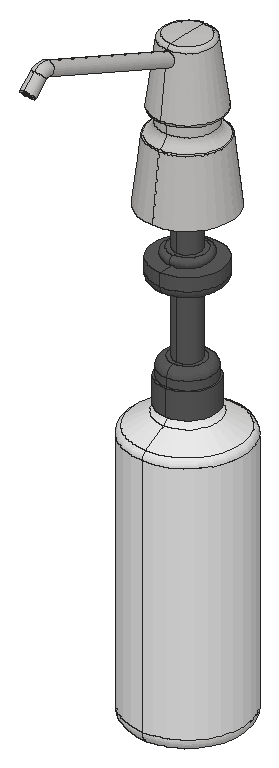
Revit family "rba-bim-B8236", category Specialty Equipment, Revit 2018
Family settings
  Round Connector Dimension = Use Diameter
  Part Type = Normal
  OmniClass Number = 23.40.20.21.34
  OmniClass Title = Soap Holders, Dispensers
  Work Plane-Based = Yes
  Always vertical = Yes
  Cut with Voids When Loaded = No
  Shared = Yes
  Room Calculation Point = No
Parameters (values of type "B-8236")
  Width = 65.088 mm
  Warranty Information = "3 Year Limited Warranty"
  URL = "http://www.bobrick.com/"
  Specification = "Top-fill counter-mounted manual foam soap dispenser shall dispense 7ml of foam using 0.5ml of commercially marketed foam soaps. Cover shall be constructed of durable die-cast zinc with bright polish finish. Spout assembly shall be type-304 stainless steel with bright polished finish. Dispenser shall be equipped with integrated funnel to facilitate re-filling of soap. Spout shall rotate 360° without damage to valve mechanism. Valve shall be operable with one hand and with less than 5 pounds of force (22.2 N) to comply with accessible design (including ADAAG in U.S.A.). Escutcheon shall lock to body with concealed locking mechanism that is opened with special key provided. Foam Dispensing assembly shall be removable from top for filling and maintenance. Shank shall accommodate mounting thicknesses up to 3'' (76mm). Translucent, shatter-resistant polyethylene container shall have a capacity of 34-fl oz (1.0-L)."
  Product Page URL = "http://www.bobrick.com/washroomaccessories/Pages/Products.aspx?Category%3dCounter-Mounted+Soap+Dispensers"
  Price = "Prices may vary. Please consult Manufacturer Representative for most up-to-date price list."  # constant formula
  Modified Issue = "20220412.01"
  Model = "B8236"
  Materials and Finishes = Stainless Steel Polished
  Manufacturer = "Bobrick Washroom Equipment, Inc"
  Length = 152.40 mm
  Installation Type = "Counter-Mounted"
  Height = 153.988 mm
  Description = "Bobrick Top-Fill Counter-Mounted Manual Foam Soap Dispenser"
  Default Elevation = 0.00 mm
  Creation Date = "1/12/2015"  # constant formula
  Copyright by = "RBA Group"  # constant formula
  Assembly Code = "C1030210"
  ADA Compliant = yes
Reference planes
  plane 1 "Center (Front/Back)": y = 0
  plane 2: z = 0
  plane 3 "Center (Left/Right)": x = 0
  plane 4: z = 114.3
  plane 5: y = -152.4
  plane 6: z = -344.488
  plane 7: z = -76.2
  plane 8: y = -32.544
  plane 9: y = 32.544
  plane 10: z = -101.6
  plane 11: y = 42.069
  plane 12: y = -42.069
  plane 13: z = 153.987
  plane 14: x = 42.069
  plane 15: x = -42.069
Forms (mm)
  Revolve 1, solid, material "ABS Plastic-Bobrick-White"
    sketch origin (0, 0, 0) x (0, 1, 0) y (0, 0, 1)
      loop
        line (0, -344.488) -> (32.544, -344.488)
        arc (32.544, -344.488) -> (39.279, -341.698) -> (42.069, -334.963) r 9.525
        line (42.069, -334.963) -> (42.069, -153.507)
        arc (42.069, -153.507) -> (41.218, -150.332) -> (38.894, -148.008) r 6.35
        line (38.894, -148.008) -> (22.271, -138.411)
        arc (22.271, -138.411) -> (19.501, -136.228) -> (17.462, -133.35) r 12.316
        line (17.462, -133.35) -> (20.637, -133.35) -> (20.637, -114.3) -> (19.05, -114.3) -> (19.05, -107.95)
        arc (19.05, -107.95) -> (17.19, -103.46) -> (12.7, -101.6) r 6.35
        line (12.7, -101.6) -> (9.525, -101.6) -> (9.525, -50.8) -> (19.05, -50.8)
        arc (19.05, -50.8) -> (23.54, -48.94) -> (25.4, -44.45) r 6.35
        line (25.4, -44.45) -> (25.4, -34.925) -> (13.343, -34.925)
        arc (13.343, -34.925) -> (16.518, -31.75) -> (13.343, -28.575) r 3.175
        line (13.343, -28.575) -> (9.525, -28.575) -> (9.525, 0) -> (0, 0) -> (0, -344.488)
      axis (0, -344.488) -> (0, 0)
    angle from 0 to 360
  Sweep 2, solid, material "Stainless Steel Polished"
    path origin (0, 2.23, -2.327) x (0, 1, 0) y (0, 0, 1)
      loop
        line (-2.23, 105.678) -> (-131.943, 155.47)
        arc (-131.943, 155.47) -> (-138.754, 156.096) -> (-144.889, 153.07) r 12.6
        line (-144.889, 153.07) -> (-154.63, 144.299)
    profile origin (0, -64.856, 128.247) x (0, -0.358368, -0.93358) y (1, 0, 0)
      loop
        circle (5.08, 0) r 5.08
      loop
        circle (5.08, 0) r 4.286
  Revolve 3, solid, material "Stainless Steel Polished"
    sketch origin (0, 0, 0) x (0, 1, 0) y (0, 0, 1)
      loop
        line (0, 0) -> (32.544, 0) -> (27.055, 46.904)
        arc (27.055, 46.904) -> (26.836, 47.365) -> (26.381, 47.597) r 0.794
        arc (26.381, 47.597) -> (21.511, 50.262) -> (19.573, 55.463) r 7.947
        line (19.573, 55.463) -> (19.573, 67.754) -> (24.061, 65.087)
        arc (24.061, 65.087) -> (24.66, 65.361) -> (24.847, 65.992) r 0.794
        line (24.847, 65.992) -> (18.526, 110.963)
        arc (18.526, 110.963) -> (17.563, 112.829) -> (15.645, 113.686) r 3.175
        arc (15.645, 113.686) -> (7.829, 114.171) -> (0, 114.331) r 187.697
        line (0, 114.331) -> (0, 0)
      axis (0, 114.331) -> (0, 0)
    angle from 0 to 360
Cuts and joins
  joined: Sweep 2, Revolve 3
Lines and regions (mm)
  Masking region 1
    outline origin (0, 0, 0) x (0, 1, 0) y (0, 0, 1)
      loop
        line (-32.544, -344.488) -> (32.544, -344.488)
        arc (32.544, -344.488) -> (39.279, -341.698) -> (42.069, -334.962) r 9.525
        line (42.069, -334.962) -> (42.069, -153.507)
        arc (42.069, -153.507) -> (41.218, -150.332) -> (38.894, -148.008) r 6.35
        line (38.894, -148.008) -> (22.271, -138.411)
        arc (22.271, -138.411) -> (19.501, -136.228) -> (17.462, -133.35) r 12.316
        line (17.462, -133.35) -> (20.637, -133.35) -> (20.637, -114.3) -> (19.05, -114.3) -> (19.05, -107.95)
        arc (19.05, -107.95) -> (17.19, -103.46) -> (12.7, -101.6) r 6.35
        line (12.7, -101.6) -> (9.525, -101.6) -> (9.525, -50.8) -> (19.05, -50.8)
        arc (19.05, -50.8) -> (23.54, -48.94) -> (25.4, -44.45) r 6.35
        line (25.4, -44.45) -> (25.4, -34.925) -> (13.343, -34.925)
        arc (13.343, -34.925) -> (16.518, -31.75) -> (13.343, -28.575) r 3.175
        line (13.343, -28.575) -> (9.525, -28.575) -> (9.525, 0) -> (32.544, 0) -> (27.055, 46.904)
        arc (27.055, 46.904) -> (26.836, 47.365) -> (26.381, 47.597) r 0.794
        arc (26.381, 47.597) -> (21.511, 50.262) -> (19.573, 55.463) r 7.947
        line (19.573, 55.463) -> (19.573, 65.087) -> (24.061, 65.087)
        arc (24.061, 65.087) -> (24.66, 65.361) -> (24.847, 65.992) r 0.794
        line (24.847, 65.992) -> (18.526, 110.963)
        arc (18.526, 110.963) -> (17.563, 112.829) -> (15.645, 113.686) r 3.175
        arc (15.645, 113.686) -> (0.16, 114.331) -> (-15.326, 113.696) r 187.697
        arc (-15.326, 113.696) -> (-17.624, 112.77) -> (-18.557, 110.474) r 3.175
        line (-18.557, 110.474) -> (-129.713, 153.143)
        arc (-129.713, 153.143) -> (-136.524, 153.769) -> (-142.659, 150.744) r 12.599
        line (-142.659, 150.744) -> (-152.4, 141.972) -> (-145.602, 134.422) -> (-135.864, 143.19)
        arc (-135.864, 143.19) -> (-134.672, 143.778) -> (-133.349, 143.656) r 2.447
        line (-133.349, 143.656) -> (-20.044, 100.162) -> (-24.847, 65.992)
        arc (-24.847, 65.992) -> (-24.66, 65.361) -> (-24.061, 65.087) r 0.794
        line (-24.061, 65.087) -> (-19.573, 65.087) -> (-19.573, 55.463)
        arc (-19.573, 55.463) -> (-21.511, 50.262) -> (-26.381, 47.597) r 7.947
        arc (-26.381, 47.597) -> (-26.836, 47.365) -> (-27.055, 46.904) r 0.794
        line (-27.055, 46.904) -> (-32.544, 0) -> (-9.525, 0) -> (-9.525, -28.575) -> (-13.343, -28.575)
        arc (-13.343, -28.575) -> (-16.518, -31.75) -> (-13.343, -34.925) r 3.175
        line (-13.343, -34.925) -> (-25.4, -34.925) -> (-25.4, -44.45)
        arc (-25.4, -44.45) -> (-23.54, -48.94) -> (-19.05, -50.8) r 6.35
        line (-19.05, -50.8) -> (-9.525, -50.8) -> (-9.525, -101.6) -> (-12.7, -101.6)
        arc (-12.7, -101.6) -> (-17.19, -103.46) -> (-19.05, -107.95) r 6.35
        line (-19.05, -107.95) -> (-19.05, -114.3) -> (-20.637, -114.3) -> (-20.637, -133.35) -> (-17.462, -133.35)
        arc (-17.462, -133.35) -> (-19.501, -136.228) -> (-22.271, -138.411) r 12.316
        line (-22.271, -138.411) -> (-38.894, -148.008)
        arc (-38.894, -148.008) -> (-41.218, -150.332) -> (-42.069, -153.507) r 6.35
        line (-42.069, -153.507) -> (-42.069, -334.963)
        arc (-42.069, -334.963) -> (-39.279, -341.698) -> (-32.544, -344.488) r 9.525
  Masking region 2
    outline origin (0, 0, 0) x (1, 0, 0) y (0, 1, 0)
      loop
        line (-5.08, -32.145) -> (-5.08, -149.001)
        spline (-5.08, -149.001) -> (-4.907, -149.881) -> (-4.399, -150.7) -> (-3.592, -151.404) -> (-2.54, -151.945) -> (-1.315, -152.284) -> (0, -152.4) -> (1.315, -152.284) -> (2.54, -151.945) -> (3.592, -151.404) -> (4.399, -150.7) -> (4.907, -149.881) -> (5.08, -149.001)
        line (5.08, -149.001) -> (5.08, -32.145)
        arc (5.08, -32.145) -> (0, 32.544) -> (-5.08, -32.145) r 32.544
  Masking region 3
    outline origin (0, 0, 0) x (1, 0, 0) y (0, 0, 1)
      loop
        arc (32.544, -344.488) -> (39.279, -341.698) -> (42.069, -334.963) r 9.525
        line (42.069, -334.963) -> (42.069, -153.507)
        arc (42.069, -153.507) -> (41.218, -150.332) -> (38.894, -148.008) r 6.35
        line (38.894, -148.008) -> (22.271, -138.411)
        arc (22.271, -138.411) -> (19.501, -136.228) -> (17.462, -133.35) r 12.316
        line (17.462, -133.35) -> (20.637, -133.35) -> (20.637, -114.3) -> (19.05, -114.3) -> (19.05, -107.95)
        arc (19.05, -107.95) -> (17.19, -103.46) -> (12.7, -101.6) r 6.35
        line (12.7, -101.6) -> (9.525, -101.6) -> (9.525, -50.8) -> (19.05, -50.8)
        arc (19.05, -50.8) -> (23.54, -48.94) -> (25.4, -44.45) r 6.35
        line (25.4, -44.45) -> (25.4, -34.925) -> (13.343, -34.925)
        arc (13.343, -34.925) -> (16.518, -31.75) -> (13.343, -28.575) r 3.175
        line (13.343, -28.575) -> (9.525, -28.575) -> (9.525, 0) -> (32.544, 0) -> (27.055, 46.904)
        arc (27.055, 46.904) -> (26.836, 47.365) -> (26.381, 47.597) r 0.794
        arc (26.381, 47.597) -> (21.511, 50.262) -> (19.573, 55.463) r 7.947
        line (19.573, 55.463) -> (19.573, 65.087) -> (24.061, 65.087)
        arc (24.061, 65.087) -> (24.66, 65.361) -> (24.847, 65.992) r 0.794
        line (24.847, 65.992) -> (20.489, 96.995) -> (18.526, 110.963)
        arc (18.526, 110.963) -> (17.444, 112.936) -> (15.326, 113.696) r 3.175
        arc (15.326, 113.696) -> (10.207, 114.048) -> (5.08, 114.259) r 187.697
        line (5.08, 114.259) -> (5.08, 148.908)
        arc (5.08, 148.908) -> (0, 153.988) -> (-5.08, 148.908) r 5.08
        line (-5.08, 148.908) -> (-5.08, 117.947) -> (-5.08, 114.265)
        arc (-5.08, 114.265) -> (-10.367, 114.05) -> (-15.645, 113.686) r 187.697
        arc (-15.645, 113.686) -> (-17.563, 112.829) -> (-18.526, 110.963) r 3.175
        line (-18.526, 110.963) -> (-24.847, 65.992)
        arc (-24.847, 65.992) -> (-24.66, 65.361) -> (-24.061, 65.087) r 0.794
        line (-24.061, 65.087) -> (-19.573, 65.087) -> (-19.573, 55.463)
        arc (-19.573, 55.463) -> (-21.511, 50.262) -> (-26.381, 47.597) r 7.947
        arc (-26.381, 47.597) -> (-26.836, 47.365) -> (-27.055, 46.904) r 0.794
        line (-27.055, 46.904) -> (-32.544, 0) -> (-9.525, 0) -> (-9.525, -28.575) -> (-13.343, -28.575)
        arc (-13.343, -28.575) -> (-16.518, -31.75) -> (-13.343, -34.925) r 3.175
        line (-13.343, -34.925) -> (-25.4, -34.925) -> (-25.4, -44.45)
        arc (-25.4, -44.45) -> (-23.54, -48.94) -> (-19.05, -50.8) r 6.35
        line (-19.05, -50.8) -> (-9.525, -50.8) -> (-9.525, -101.6) -> (-12.7, -101.6)
        arc (-12.7, -101.6) -> (-17.19, -103.46) -> (-19.05, -107.95) r 6.35
        line (-19.05, -107.95) -> (-19.05, -114.3) -> (-20.637, -114.3) -> (-20.637, -133.35) -> (-17.462, -133.35)
        arc (-17.462, -133.35) -> (-19.501, -136.228) -> (-22.271, -138.411) r 12.316
        line (-22.271, -138.411) -> (-38.894, -148.008)
        arc (-38.894, -148.008) -> (-41.218, -150.332) -> (-42.069, -153.507) r 6.35
        line (-42.069, -153.507) -> (-42.069, -334.963)
        arc (-42.069, -334.963) -> (-39.279, -341.698) -> (-32.544, -344.488) r 9.525
        line (-32.544, -344.488) -> (32.544, -344.488)
  symbolic lines, detail levels medium+fine
    curve 1: line (0, 19.573, 65.087) -> (0, -19.573, 65.087)
    curve 2: line (0, 9.525, 0) -> (0, -9.525, 0)
    curve 3: arc (0, -18.557, 110.474) -> (0, -18.05, 105.066) -> (0, -20.028, 100.007) r 11.757
    curve 4: line (0, 13.343, -34.925) -> (0, -13.343, -34.925)
    curve 5: line (0, 9.525, -50.8) -> (0, -8.712, -50.8)
    curve 6: line (0, 11.112, -101.6) -> (0, -10.319, -101.6)
    curve 7: line (0, -17.463, -133.35) -> (0, 17.462, -133.35)
    curve 35: line (-5.08, -32.145, 0) -> (-5.08, -18.36, 0)
    curve 36: line (5.08, -32.145, 0) -> (5.08, -18.36, 0)
    curve 37: circle (0, 0, 0) r 19.05 normal (0, 0, 1)
    curve 38: spline (-5.08, 0, 138.197) -> (-4.907, 0, 137.22) -> (-4.399, 0, 136.31) -> (-3.592, 0, 135.528) -> (-2.54, 0, 134.928) -> (-1.315, 0, 134.551) -> (0, 0, 134.422) -> (1.315, 0, 134.551) -> (2.54, 0, 134.928) -> (3.592, 0, 135.528) -> (4.399, 0, 136.31) -> (4.907, 0, 137.22) -> (5.08, 0, 138.197) -> (4.907, 0, 139.174) -> (4.399, 0, 140.085) -> (3.592, 0, 140.867) -> (2.54, 0, 141.467) -> (1.315, 0, 141.844) -> (0, 0, 141.972) -> (-1.315, 0, 141.844) -> (-2.54, 0, 141.467) -> (-3.592, 0, 140.867) -> (-4.399, 0, 140.085) -> (-4.907, 0, 139.174) -> (-5.08, 0, 138.197)
    curve 39: spline (-4.286, 0, 138.197) -> (-4.14, 0, 139.022) -> (-3.712, 0, 139.79) -> (-3.031, 0, 140.45) -> (-2.143, 0, 140.956) -> (-1.109, 0, 141.274) -> (0, 0, 141.382) -> (1.109, 0, 141.274) -> (2.143, 0, 140.956) -> (3.031, 0, 140.45) -> (3.712, 0, 139.79) -> (4.14, 0, 139.022) -> (4.286, 0, 138.197) -> (4.14, 0, 137.373) -> (3.712, 0, 136.605) -> (3.031, 0, 135.945) -> (2.143, 0, 135.439) -> (1.109, 0, 135.12) -> (0, 0, 135.012) -> (-1.109, 0, 135.12) -> (-2.143, 0, 135.439) -> (-3.031, 0, 135.945) -> (-3.712, 0, 136.605) -> (-4.14, 0, 137.373) -> (-4.286, 0, 138.197)
    curve 40: line (-5.08, 0, 114.267) -> (-5.08, 0, 105.057)
    curve 41: line (5.08, 0, 114.267) -> (5.08, 0, 105.057)
    curve 42: arc (-5.08, 0, 105.057) -> (0, 0, 99.978) -> (5.08, 0, 105.057) r 5.08
    curve 43: line (-19.573, 0, 65.087) -> (19.573, 0, 65.087)
    curve 44: line (-9.525, 0, 0) -> (9.525, 0, 0)
    curve 45: line (-13.343, 0, -34.925) -> (13.343, 0, -34.925)
    curve 46: line (9.525, 0, -50.8) -> (-9.525, 0, -50.8)
    curve 47: line (-10.319, 0, -101.6) -> (10.319, 0, -101.6)
    curve 48: line (-17.462, 0, -133.35) -> (17.463, 0, -133.35)
  symbolic lines, detail levels fine
    curve 8: line (0, 19.05, -114.3) -> (0, 11.112, -114.3)
    curve 9: line (0, 9.525, -28.575) -> (0, -9.525, -28.575)
    curve 10: line (0, 26.381, 47.597) -> (0, -26.381, 47.597)
    curve 11: line (0, 15.875, -44.45) -> (0, 15.875, -35.719)
    curve 12: arc (0, 9.525, -50.8) -> (0, 14.015, -48.94) -> (0, 15.875, -44.45) r 6.35
    curve 13: line (0, 15.062, -44.45) -> (0, 15.062, -35.719)
    curve 14: arc (0, 8.712, -50.8) -> (0, 13.202, -48.94) -> (0, 15.062, -44.45) r 6.35
    curve 15: line (0, -15.875, -44.45) -> (0, -15.875, -35.719)
    curve 16: line (0, -15.062, -44.45) -> (0, -15.062, -35.719)
    curve 17: arc (0, -8.712, -50.8) -> (0, -13.202, -48.94) -> (0, -15.062, -44.45) r 6.35
    curve 18: arc (0, -9.525, -50.8) -> (0, -14.015, -48.94) -> (0, -15.875, -44.45) r 6.35
    curve 19: line (0, 0.416, -50.8) -> (0, 0.416, -35.719)
    curve 20: line (0, -0.397, -50.8) -> (0, -0.397, -35.719)
    curve 21: line (0, 25.4, -35.719) -> (0, 15.875, -35.719)
    curve 22: line (0, 11.112, -101.6) -> (0, 11.112, -114.3)
    curve 23: line (0, 10.319, -101.6) -> (0, 10.319, -114.3)
    curve 24: line (0, -11.112, -101.6) -> (0, -11.112, -114.3)
    curve 25: line (0, -10.319, -101.6) -> (0, -10.319, -114.3)
    curve 26: line (0, -0.409, -101.6) -> (0, -0.409, -114.3)
    curve 27: line (0, 0.385, -101.6) -> (0, 0.385, -114.3)
    curve 28: line (0, 10.319, -114.3) -> (0, 0.385, -114.3)
    curve 29: line (0, -0.409, -114.3) -> (0, -10.319, -114.3)
    curve 30: line (0, -11.112, -114.3) -> (0, -19.05, -114.3)
    curve 31: line (0, 15.062, -35.719) -> (0, 0.416, -35.719)
    curve 32: line (0, -0.397, -35.719) -> (0, -15.062, -35.719)
    curve 33: line (0, -15.875, -35.719) -> (0, -25.4, -35.719)
    curve 34: arc (5.08, -24.887, 0) -> (0, 25.4, 0) -> (-5.08, -24.887, 0) r 25.4
    curve 49: line (-19.05, 0, -114.3) -> (-11.132, 0, -114.3)
    curve 50: line (-26.381, 0, 47.597) -> (26.381, 0, 47.597)
    curve 51: line (-9.525, 0, -28.575) -> (9.525, 0, -28.575)
    curve 52: line (25.4, 0, -35.719) -> (15.875, 0, -35.719)
    curve 53: line (-15.875, 0, -35.719) -> (-15.875, 0, -44.45)
    curve 54: arc (-15.875, 0, -44.45) -> (-14.015, 0, -48.94) -> (-9.525, 0, -50.8) r 6.35
    curve 55: line (-15.055, 0, -35.719) -> (-15.055, 0, -44.45)
    curve 56: arc (-15.055, 0, -44.45) -> (-13.195, 0, -48.94) -> (-8.705, 0, -50.8) r 6.35
    curve 57: line (15.875, 0, -35.719) -> (15.875, 0, -44.45)
    curve 58: arc (15.875, 0, -44.45) -> (14.015, 0, -48.94) -> (9.525, 0, -50.8) r 6.35
    curve 59: line (15.062, 0, -35.719) -> (15.062, 0, -44.45)
    curve 60: arc (15.062, 0, -44.45) -> (13.202, 0, -48.94) -> (8.712, 0, -50.8) r 6.35
    curve 61: line (0.394, 0, -35.719) -> (0.394, 0, -50.8)
    curve 62: line (-0.419, 0, -35.719) -> (-0.419, 0, -50.8)
    curve 63: line (-15.875, 0, -35.719) -> (-25.4, 0, -35.719)
    curve 64: line (-0.419, 0, -35.719) -> (-15.055, 0, -35.719)
    curve 65: line (15.062, 0, -35.719) -> (0.394, 0, -35.719)
    curve 66: line (0.394, 0, -101.6) -> (0.394, 0, -114.3)
    curve 67: line (-0.419, 0, -101.6) -> (-0.419, 0, -114.3)
    curve 68: line (-10.319, 0, -101.6) -> (-10.319, 0, -114.3)
    curve 69: line (-11.132, 0, -101.6) -> (-11.132, 0, -114.3)
    curve 70: line (10.319, 0, -101.6) -> (10.319, 0, -114.3)
    curve 71: line (11.132, 0, -101.6) -> (11.132, 0, -114.3)
    curve 72: line (-10.319, 0, -114.3) -> (-0.419, 0, -114.3)
    curve 73: line (0.394, 0, -114.3) -> (10.319, 0, -114.3)
    curve 74: line (11.132, 0, -114.3) -> (19.05, 0, -114.3)
Dimensions and locks
  "Length": plane 1 "Center (Front/Back)" to plane 5
  plane 4 to level to plane 6 = 114.30 mm, 344.487 mm
  plane 6 to plane 10 = 242.888 mm
  "Width": plane 9 to plane 8
  plane 11 to plane 12 = 84.138 mm
  "Height": plane 13 to level
  aligned and locked: plane 5 to Sweep 2 sketch curve
Automatic sketch dimensions
  Revolve 1 sketch curve to plane 1 "Center (Front/Back)" = 0.00 mm  (x2)
  Revolve 1 sketch curve to plane 10 = 0.00 mm
  Revolve 1 sketch curve to level = 0.00 mm
  plane 6 to Revolve 1 sketch curve = 0.00 mm
  Revolve 1 sketch curve to plane 9 = 0.00 mm
  Revolve 1 sketch curve to plane 11 = 0.00 mm
  Revolve 1 sketch curve to plane 1 "Center (Front/Back)" = 9.525 mm  (x2)
  Revolve 1 sketch curve to Revolve 1 sketch curve = 3.175 mm  (x3)
  Revolve 1 sketch curve to Revolve 1 sketch curve = 3.818 mm
  Revolve 1 sketch curve to Revolve 1 sketch curve = 0.00 mm  (x2)
  Revolve 1 sketch curve to plane 9 = 15.081 mm
  Revolve 1 sketch curve to Revolve 1 sketch curve = 6.35 mm  (x3)
  Revolve 1 sketch curve to Revolve 1 sketch curve = 9.525 mm  (x2)
  Revolve 1 sketch curve to Revolve 1 sketch curve = 1.634 mm
  Revolve 1 sketch curve to plane 9 = 7.144 mm
  Revolve 1 sketch curve to plane 9 = 4.114 mm
  plane 9 to Revolve 1 sketch curve = 3.175 mm
  Revolve 1 sketch curve to plane 11 = 3.175 mm
  Revolve 1 sketch curve to Revolve 1 sketch curve = 45.557 mm
  Revolve 1 sketch curve to Revolve 1 sketch curve = 9.597 mm
  Revolve 1 sketch curve to Revolve 1 sketch curve = 5.061 mm
  plane 10 to Revolve 1 sketch curve = 9.945 mm
  Revolve 1 sketch curve to plane 7 = 25.40 mm
  Sweep 2 sketch curve to Sweep 2 sketch curve = 0.00 mm  (x2)
  Sweep 2 sketch curve to plane 3 "Center (Left/Right)" = 0.00 mm
  Sweep 2 sketch curve to profile plane = 5.08 mm
  curve 24 to plane 10 = 0.00 mm
  curve 6 to plane 10 = 0.00 mm
  curve 2 to level = 0.00 mm
  curve 3 to plane 8 = 2.852 mm
  curve 10 to plane 8 = 6.163 mm
  curve 33 to plane 8 = 7.144 mm
  curve 3 to curve 3 = 9.664 mm
  curve 1 to plane 8 = 12.971 mm
  curve 30 to plane 8 = 13.494 mm
  curve 3 to plane 4 = 3.826 mm
  curve 3 to curve 3 = 1.471 mm
  curve 7 to plane 8 = 15.081 mm
  curve 33 to curve 18 = 9.525 mm
  curve 15 to curve 32 = 0.813 mm
  curve 16 to curve 4 = 1.72 mm
  curve 30 to curve 30 = 7.938 mm
  curve 24 to curve 6 = 0.794 mm
  curve 16 to curve 18 = 5.537 mm
  plane 1 "Center (Front/Back)" to curve 2 = 9.525 mm
  curve 4 to curve 9 = 3.818 mm
  curve 18 to curve 5 = 0.813 mm
  curve 18 to curve 17 = 0.813 mm
  plane 1 "Center (Front/Back)" to curve 26 = 0.409 mm
  plane 1 "Center (Front/Back)" to curve 32 = 0.397 mm
  curve 28 to plane 1 "Center (Front/Back)" = 0.385 mm
  curve 19 to plane 1 "Center (Front/Back)" = 0.416 mm
  curve 19 to curve 14 = 8.296 mm
  curve 9 to plane 1 "Center (Front/Back)" = 9.525 mm
  curve 14 to curve 12 = 0.813 mm
  curve 2 to plane 1 "Center (Front/Back)" = 9.525 mm
  curve 27 to curve 28 = 9.934 mm
  curve 23 to curve 6 = 0.794 mm
  curve 9 to curve 4 = 3.818 mm
  curve 4 to curve 13 = 1.72 mm
  curve 13 to curve 11 = 0.813 mm
  curve 7 to plane 9 = 15.081 mm
  curve 8 to curve 8 = 7.938 mm
  curve 1 to plane 9 = 12.971 mm
  curve 21 to plane 9 = 7.144 mm
  curve 10 to plane 9 = 6.163 mm
  curve 8 to plane 10 = 12.70 mm
  curve 30 to plane 10 = 12.70 mm
  curve 24 to curve 29 = 0.00 mm
  curve 23 to curve 8 = 0.00 mm
  curve 7 to curve 8 = 19.05 mm
  curve 5 to plane 7 = 25.40 mm
  curve 18 to curve 5 = 0.00 mm
  curve 11 to curve 21 = 8.731 mm
  curve 13 to curve 11 = 0.00 mm
  curve 18 to curve 33 = 8.731 mm
  curve 15 to curve 16 = 0.00 mm
  curve 16 to curve 4 = 0.794 mm
  curve 4 to curve 9 = 6.35 mm
  level to curve 10 = 47.597 mm
  curve 10 to curve 1 = 17.49 mm
  curve 3 to curve 3 = 10.467 mm
  plane 1 "Center (Front/Back)" to Masking region 2 sketch curve = 0.00 mm
  Masking region 2 sketch curve to plane 3 "Center (Left/Right)" = 0.00 mm
  Masking region 2 sketch curve to Masking region 2 sketch curve = 5.08 mm
  Masking region 2 sketch curve to plane 8 = 0.399 mm
  Masking region 2 sketch curve to Masking region 2 sketch curve = 0.00 mm
  Masking region 2 sketch curve to plane 5 = 3.399 mm
  curve 34 to curve 37 = 0.00 mm  (x2)
  plane 1 "Center (Front/Back)" to curve 37 = 0.00 mm
  curve 37 to plane 3 "Center (Left/Right)" = 0.00 mm
  curve 35 to plane 3 "Center (Left/Right)" = 5.08 mm
  curve 36 to plane 8 = 14.184 mm
  curve 35 to curve 36 = 0.00 mm
  curve 36 to plane 8 = 0.399 mm
  curve 35 to plane 8 = 0.399 mm
  Revolve 3 sketch curve to level = 0.00 mm
  Revolve 3 sketch curve to plane 1 "Center (Front/Back)" = 0.00 mm  (x2)
  Revolve 3 sketch curve to plane 9 = 0.00 mm
  Revolve 3 sketch curve to plane 1 "Center (Front/Back)" = 0.097 mm
  Revolve 3 sketch curve to plane 4 = 3.778 mm
  Revolve 3 sketch curve to plane 1 "Center (Front/Back)" = 15.382 mm
  Revolve 3 sketch curve to plane 4 = 0.614 mm
  Revolve 3 sketch curve to Revolve 3 sketch curve = 0.263 mm
  Revolve 3 sketch curve to Revolve 3 sketch curve = 0.00 mm  (x2)
  Revolve 3 sketch curve to plane 4 = 3.337 mm
  Revolve 3 sketch curve to plane 9 = 12.971 mm
  Revolve 3 sketch curve to Revolve 3 sketch curve = 4.488 mm
  Revolve 3 sketch curve to Revolve 3 sketch curve = 0.786 mm
  Revolve 3 sketch curve to plane 9 = 6.277 mm
  Revolve 3 sketch curve to Revolve 3 sketch curve = 0.114 mm
  Revolve 3 sketch curve to Revolve 3 sketch curve = 0.788 mm
  Revolve 3 sketch curve to plane 9 = 5.024 mm
  level to Revolve 3 sketch curve = 46.812 mm
  Revolve 3 sketch curve to Revolve 3 sketch curve = 9.625 mm
  Revolve 3 sketch curve to Revolve 3 sketch curve = 0.794 mm
  Revolve 3 sketch curve to Revolve 3 sketch curve = 1.873 mm
  Revolve 3 sketch curve to Revolve 3 sketch curve = 15.047 mm
  Revolve 3 sketch curve to Revolve 3 sketch curve = 11.867 mm
  Masking region 3 sketch curve to Masking region 3 sketch curve = 0.00 mm  (x9)
  Masking region 3 sketch curve to plane 6 = 0.00 mm
  Masking region 3 sketch curve to level = 0.00 mm  (x2)
  Masking region 3 sketch curve to plane 10 = 0.00 mm  (x2)
  Masking region 3 sketch curve to plane 3 "Center (Left/Right)" = 0.00 mm
  Masking region 3 sketch curve to plane 3 "Center (Left/Right)" = 0.097 mm
  Masking region 3 sketch curve to plane 3 "Center (Left/Right)" = 5.08 mm
  Masking region 3 sketch curve to plane 3 "Center (Left/Right)" = 9.525 mm  (x2)
  Masking region 3 sketch curve to Masking region 3 sketch curve = 3.175 mm  (x9)
  Masking region 3 sketch curve to Masking region 3 sketch curve = 3.818 mm  (x2)
  Masking region 3 sketch curve to plane 4 = 3.778 mm
  Masking region 3 sketch curve to Masking region 3 sketch curve = 10.302 mm
  Masking region 3 sketch curve to plane 4 = 0.614 mm
  Masking region 3 sketch curve to Masking region 3 sketch curve = 0.263 mm
  Masking region 3 sketch curve to plane 3 "Center (Left/Right)" = 17.462 mm
  Masking region 3 sketch curve to plane 4 = 3.337 mm  (x2)
  Masking region 3 sketch curve to Masking region 3 sketch curve = 6.35 mm  (x6)
  Masking region 3 sketch curve to Masking region 3 sketch curve = 5.707 mm
  Masking region 3 sketch curve to plane 3 "Center (Left/Right)" = 19.573 mm
  Masking region 3 sketch curve to Masking region 3 sketch curve = 1.634 mm  (x2)
  Masking region 3 sketch curve to Masking region 3 sketch curve = 4.488 mm  (x2)
  Masking region 3 sketch curve to Masking region 3 sketch curve = 0.786 mm  (x2)
  Masking region 3 sketch curve to Masking region 3 sketch curve = 6.694 mm  (x2)
  Masking region 3 sketch curve to Masking region 3 sketch curve = 0.114 mm  (x2)
  Masking region 3 sketch curve to Masking region 3 sketch curve = 0.788 mm  (x2)
  Masking region 3 sketch curve to Masking region 3 sketch curve = 1.14 mm  (x2)
  Masking region 3 sketch curve to Masking region 3 sketch curve = 7.792 mm  (x2)
  Masking region 3 sketch curve to Masking region 3 sketch curve = 23.019 mm  (x2)
  Masking region 3 sketch curve to plane 3 "Center (Left/Right)" = 32.544 mm
  Masking region 3 sketch curve to Masking region 3 sketch curve = 13.448 mm  (x2)
  Masking region 3 sketch curve to plane 6 = 9.525 mm
  plane 3 "Center (Left/Right)" to Masking region 3 sketch curve = 9.525 mm  (x2)
  Masking region 3 sketch curve to plane 4 = 0.604 mm
  Masking region 3 sketch curve to Masking region 3 sketch curve = 10.246 mm
  Masking region 3 sketch curve to Masking region 3 sketch curve = 0.056 mm
  plane 3 "Center (Left/Right)" to Masking region 3 sketch curve = 17.462 mm
  Masking region 3 sketch curve to Masking region 3 sketch curve = 3.144 mm
  Masking region 3 sketch curve to Masking region 3 sketch curve = 9.525 mm  (x3)
  plane 3 "Center (Left/Right)" to Masking region 3 sketch curve = 19.573 mm
  Masking region 3 sketch curve to Masking region 3 sketch curve = 1.963 mm
  plane 3 "Center (Left/Right)" to Masking region 3 sketch curve = 32.544 mm
  Masking region 3 sketch curve to Masking region 3 sketch curve = 45.557 mm  (x2)
  Masking region 3 sketch curve to Masking region 3 sketch curve = 9.597 mm  (x2)
  Masking region 3 sketch curve to Masking region 3 sketch curve = 5.061 mm  (x2)
  Masking region 3 sketch curve to plane 7 = 25.40 mm  (x2)
  level to Masking region 3 sketch curve = 46.812 mm
  Masking region 3 sketch curve to Masking region 3 sketch curve = 8.651 mm
  Masking region 3 sketch curve to Masking region 3 sketch curve = 9.625 mm  (x2)
  Masking region 3 sketch curve to Masking region 3 sketch curve = 0.794 mm  (x2)
  Masking region 3 sketch curve to Masking region 3 sketch curve = 13.968 mm
  plane 4 to Masking region 3 sketch curve = 3.647 mm
  curve 69 to plane 10 = 0.00 mm
  curve 68 to plane 10 = 0.00 mm
  curve 44 to level = 0.00 mm
  curve 38 to plane 3 "Center (Left/Right)" = 0.00 mm
  curve 42 to plane 3 "Center (Left/Right)" = 0.00 mm
  curve 39 to plane 3 "Center (Left/Right)" = 0.00 mm
  curve 71 to plane 10 = 0.00 mm
  curve 64 to plane 3 "Center (Left/Right)" = 0.419 mm
  curve 39 to curve 38 = 4.286 mm
  curve 42 to plane 3 "Center (Left/Right)" = 5.08 mm
  curve 38 to curve 39 = 0.794 mm
  curve 56 to plane 3 "Center (Left/Right)" = 8.705 mm
  curve 46 to curve 56 = 0.82 mm
  curve 44 to plane 3 "Center (Left/Right)" = 9.525 mm
  curve 51 to plane 3 "Center (Left/Right)" = 9.525 mm
  curve 47 to curve 67 = 9.90 mm
  curve 45 to curve 51 = 3.818 mm
  curve 64 to curve 45 = 1.712 mm
  curve 63 to curve 55 = 0.82 mm
  curve 48 to plane 3 "Center (Left/Right)" = 17.463 mm
  curve 49 to curve 69 = 7.918 mm
  curve 43 to plane 3 "Center (Left/Right)" = 19.573 mm
  curve 63 to curve 53 = 9.525 mm
  curve 50 to curve 43 = 6.808 mm
  plane 3 "Center (Left/Right)" to curve 61 = 0.394 mm
  curve 61 to curve 60 = 8.318 mm
  plane 3 "Center (Left/Right)" to curve 44 = 9.525 mm
  curve 60 to curve 58 = 0.813 mm
  plane 3 "Center (Left/Right)" to curve 51 = 9.525 mm
  curve 66 to curve 70 = 9.925 mm
  curve 51 to curve 45 = 3.818 mm
  curve 58 to curve 59 = 5.537 mm
  curve 59 to curve 57 = 0.813 mm
  plane 3 "Center (Left/Right)" to curve 48 = 17.463 mm
  curve 71 to curve 74 = 7.918 mm
  plane 3 "Center (Left/Right)" to curve 43 = 19.573 mm
  curve 52 to curve 52 = 9.525 mm
  curve 43 to curve 50 = 6.808 mm
  curve 74 to plane 10 = 12.70 mm
  curve 66 to curve 67 = 0.00 mm
  curve 62 to plane 7 = 25.40 mm
  curve 56 to curve 54 = 0.00 mm
  curve 56 to curve 55 = 8.731 mm
  curve 60 to curve 65 = 8.731 mm
  curve 57 to curve 59 = 0.00 mm
  curve 53 to curve 55 = 0.00 mm
  curve 59 to curve 45 = 0.794 mm
  curve 45 to curve 51 = 6.35 mm
  level to curve 50 = 47.597 mm
  curve 50 to curve 43 = 17.49 mm
  curve 42 to plane 4 = 9.243 mm
  curve 40 to plane 4 = 0.033 mm
  curve 41 to plane 4 = 0.033 mm
  plane 4 to curve 39 = 23.897 mm
  curve 38 to curve 39 = 0.00 mm
  curve 48 to curve 71 = 19.05 mm
  curve 49 to curve 68 = 8.731 mm
  curve 69 to curve 72 = 0.00 mm
  plane 3 "Center (Left/Right)" to curve 73 = 0.394 mm
  curve 49 to plane 3 "Center (Left/Right)" = 19.05 mm
  curve 70 to curve 71 = 0.813 mm
  curve 73 to curve 71 = 0.00 mm
  Masking region 3 sketch curve to Masking region 3 sketch curve = 30.961 mm
  Sweep 2 sketch curve to plane 1 "Center (Front/Back)" = 0.00 mm
  Sweep 2 sketch curve to plane 13 = 3.244 mm
  Sweep 2 sketch curve to plane 5 = 9.741 mm
  Sweep 2 sketch curve to Sweep 2 sketch curve = 8.431 mm
  Sweep 2 sketch curve to plane 13 = 0.845 mm
  Sweep 2 sketch curve to Sweep 2 sketch curve = 4.515 mm
  Sweep 2 sketch curve to plane 4 = 10.949 mm
  Sweep 2 sketch curve to plane 13 = 12.015 mm
  Masking region 1 sketch curve to plane 5 = 0.00 mm
  Masking region 1 sketch curve to plane 12 = 0.00 mm
  Masking region 1 sketch curve to level = 0.00 mm  (x2)
  Masking region 1 sketch curve to plane 8 = 0.00 mm  (x2)
  plane 6 to Masking region 1 sketch curve = 0.00 mm
  Masking region 1 sketch curve to plane 10 = 0.00 mm  (x2)
  Masking region 1 sketch curve to plane 9 = 0.00 mm  (x2)
  Masking region 1 sketch curve to plane 11 = 0.00 mm
  Masking region 1 sketch curve to plane 5 = 6.798 mm
  Masking region 1 sketch curve to plane 13 = 3.244 mm
  Masking region 1 sketch curve to plane 5 = 9.741 mm
  Masking region 1 sketch curve to Masking region 1 sketch curve = 6.795 mm
  Masking region 1 sketch curve to Masking region 1 sketch curve = 1.636 mm
  Masking region 1 sketch curve to Masking region 1 sketch curve = 0.002 mm
  Masking region 1 sketch curve to Masking region 1 sketch curve = 0.879 mm
  Masking region 1 sketch curve to plane 13 = 0.845 mm
  Masking region 1 sketch curve to Masking region 1 sketch curve = 3.636 mm
  Masking region 1 sketch curve to plane 12 = 3.175 mm
  plane 8 to Masking region 1 sketch curve = 3.175 mm
  Masking region 1 sketch curve to plane 8 = 4.114 mm
  Masking region 1 sketch curve to plane 8 = 5.024 mm
  Masking region 1 sketch curve to plane 8 = 5.489 mm
  Masking region 1 sketch curve to Masking region 1 sketch curve = 0.675 mm
  Masking region 1 sketch curve to Masking region 1 sketch curve = 0.00 mm  (x8)
  Masking region 1 sketch curve to Masking region 1 sketch curve = 0.114 mm  (x2)
  Masking region 1 sketch curve to plane 8 = 7.144 mm
  Masking region 1 sketch curve to plane 8 = 7.697 mm
  Masking region 1 sketch curve to Masking region 1 sketch curve = 0.786 mm  (x2)
  Masking region 1 sketch curve to plane 8 = 10.273 mm
  Masking region 1 sketch curve to plane 8 = 11.906 mm
  Masking region 1 sketch curve to plane 8 = 12.499 mm
  Masking region 1 sketch curve to Masking region 1 sketch curve = 4.488 mm  (x2)
  Masking region 1 sketch curve to Masking region 1 sketch curve = 6.35 mm  (x5)
  Masking region 1 sketch curve to Masking region 1 sketch curve = 1.588 mm
  Masking region 1 sketch curve to Masking region 1 sketch curve = 3.175 mm  (x8)
  Masking region 1 sketch curve to plane 4 = 0.604 mm
  Masking region 1 sketch curve to Masking region 1 sketch curve = 0.056 mm
  Masking region 1 sketch curve to Masking region 1 sketch curve = 5.707 mm
  plane 1 "Center (Front/Back)" to Masking region 1 sketch curve = 9.525 mm
  Masking region 1 sketch curve to plane 1 "Center (Front/Back)" = 0.097 mm
  Masking region 1 sketch curve to plane 1 "Center (Front/Back)" = 9.525 mm  (x2)
  Masking region 1 sketch curve to Masking region 1 sketch curve = 3.818 mm
  Masking region 1 sketch curve to plane 4 = 3.778 mm
  Masking region 1 sketch curve to plane 1 "Center (Front/Back)" = 15.382 mm
  Masking region 1 sketch curve to Masking region 1 sketch curve = 0.263 mm
  Masking region 1 sketch curve to plane 9 = 15.081 mm
  Masking region 1 sketch curve to plane 4 = 3.337 mm
  Masking region 1 sketch curve to plane 10 = 6.35 mm
  Masking region 1 sketch curve to Masking region 1 sketch curve = 9.525 mm  (x3)
  Masking region 1 sketch curve to plane 9 = 12.971 mm
  Masking region 1 sketch curve to Masking region 1 sketch curve = 1.634 mm
  Masking region 1 sketch curve to plane 9 = 6.277 mm
  Masking region 1 sketch curve to Masking region 1 sketch curve = 0.788 mm
  Masking region 1 sketch curve to plane 9 = 5.024 mm
  Masking region 1 sketch curve to plane 9 = 4.114 mm
  plane 9 to Masking region 1 sketch curve = 3.175 mm
  Masking region 1 sketch curve to plane 11 = 3.175 mm
  Masking region 1 sketch curve to Masking region 1 sketch curve = 45.557 mm  (x2)
  Masking region 1 sketch curve to Masking region 1 sketch curve = 9.597 mm  (x2)
  Masking region 1 sketch curve to Masking region 1 sketch curve = 5.061 mm  (x2)
  Masking region 1 sketch curve to Masking region 1 sketch curve = 22.566 mm
  level to Masking region 1 sketch curve = 46.812 mm
  Masking region 1 sketch curve to Masking region 1 sketch curve = 8.651 mm
  Masking region 1 sketch curve to Masking region 1 sketch curve = 9.625 mm  (x2)
  Masking region 1 sketch curve to Masking region 1 sketch curve = 0.794 mm  (x2)
  Masking region 1 sketch curve to Masking region 1 sketch curve = 10.312 mm
  Masking region 1 sketch curve to Masking region 1 sketch curve = 6.959 mm
  Masking region 1 sketch curve to Masking region 1 sketch curve = 0.009 mm
  Masking region 1 sketch curve to Masking region 1 sketch curve = 1.487 mm
  radius of Sweep 2 sketch curve = 5.08 mm
  radius of Sweep 2 sketch curve = 4.286 mm
  radius of curve 34 = 25.40 mm
